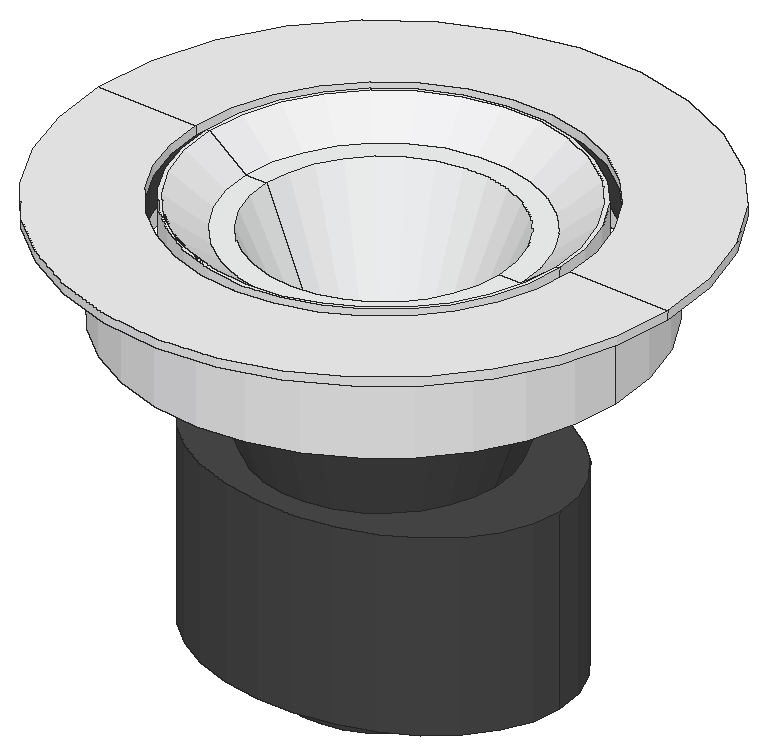
Revit family "Lighting Fixture_Sylvania_Expospot 70 Adjustable_Ceiling Recessed1", category Lighting Fixtures, host Face, Revit 2016
Family settings
  Host = Face
  Part Type = Normal
  Round Connector Dimension = Use Diameter
  OmniClass Number = 23.80.70.11.17
  OmniClass Title = Specialized Lighting by Location or Use
  Cut with Voids When Loaded = No
  Light Source = No
  Shared = No
  Room Calculation Point = No
Parameters (values of type "EXPOSPOT 70 ADJ 90 4K WB WHT")
  Weight = 0.52 kg  # constant formula
  Total Power Consumption = 20.9996 W
  Reflector Material = Aluminum_Sylvania_Expospot_Polished
  Radius = Diameter / 2  # 68.5 mm
  Product Code = "0060248"
  Photometric Web File = IES_Expospot_70_Adjustable : 0060248
  Photobiological Risk Group = "RG1"  # constant formula
  Nominal Frequency = "50/60Hz"  # constant formula
  Mounting Outer Radius = Head Radius + 3.0 mm  # 45.5 mm
  Max. Luminaires per 20A C Breaker = "70"  # constant formula
  Max. Luminaires per 20A B Breaker = "42"  # constant formula
  Max. Luminaires per 16A C Breaker = "51"  # constant formula
  Max. Luminaires per 16A B Breaker = "31"  # constant formula
  Max. Luminaires per 13A C Breaker = "41"  # constant formula
  Max. Luminaires per 13A B Breaker = "25"  # constant formula
  Max. Luminaires per 10A C Breaker = "31"  # constant formula
  Max. Luminaires per 10A B Breaker = "19"  # constant formula
  Light Loss Factor = 1  # constant formula
  Lamp Power Factor = 0.9  # constant formula
  LOR = "100%"  # constant formula
  Inrush Duration = "139µs"  # constant formula
  Inrush Current = 28 A  # constant formula
  Initial Intensity = 1988 lm
  Initial Color = 4000 K
  IP Rating = "IP20"  # constant formula
  IK Rating = "IK02"  # constant formula
  Height = 103.0 mm  # constant formula
  Voltage Comments = "220-240V~"  # constant formula
  Voltage = 240 V  # constant formula
  URL = "http://www.sylvania-lighting.com/product/en-int/category/interior-lighting/accent-downlights/families/expospot-led/expospot-70-adjustable"
  Product Page URL = "http://www.sylvania-lighting.com/product/en-int/products/0060248"
  Product Family = "EXPOSPOT 70 ADJUSTABLE"  # constant formula
  Head Radius = Radius - 26.0 mm  # 42.5 mm
  Head Diameter = Head Radius * 2  # 85.0 mm
  Head Angle [instance] = 0°
  Glow Wire Test = 850 °C  # constant formula
  Electrical Protection = "Class II"  # constant formula
  Drive Current = "500mA"  # constant formula
  Dimmable = "N"  # constant formula
  Diffuser Material = Acrylic_Sylvania_Expospot_4000K
  Diameter = 137.0 mm  # constant formula
  Cutout Diameter = Diameter - 11.0 mm  # 126.0 mm
  Created by URL = "http://all1studio.com/"
  Created by = "All 1 Studio Ltd. "  # constant formula
  Control Gear Type = "Electronic"  # constant formula
  Control Gear Required = "No"  # constant formula
  Control Gear Mounting = "Remote"  # constant formula
  Colour Variation Initial = "3SDCM"  # constant formula
  built-in parameter 1114216 [instance] = 1 (stored number, unit not read)
  Model = "EXPOSPOT 70 ADJ 90 4K WB WHT"
  Manufacturer = "Feilo Sylvania"  # constant formula
  Lamp = "LED"  # constant formula
  CRI = "90Ra"
  Body Material = Aluminum_Sylvania_Expospot_White
  Description = "Specifically designed for Retail and Display applications. I.e. Supermarkets Fashion Retail Department stores. Build around a 70mm reflector and lens combination."  # constant formula
  Default Elevation = 0.0 mm
  built-in parameter 1140040 [instance] = 1
  Beam Angle = 52°
  Average Life = "50 000h"  # constant formula
  Assembly Code = "D5020200"
  Apparent Load Comments = ""
  Apparent Load = 20.9996 VA
  Body Secondary Material = Plastic_Sylvania_Expospot_Black
Types (12, lengths in mm): name | Product Code | Photometric Web File | Initial Intensity | Initial Color | Product Page URL | Diffuser Material | Model | CRI | Beam Angle
  EXPOSPOT 70 ADJ 90 4K WB WHT | "0060248" | IES_Expospot_70_Adjustable : 0060248 | 1988 lm | 4000 K | "http://www.sylvania-lighting.com/product/en-int/products/0060248" | Acrylic_Sylvania_Expospot_4000K | "EXPOSPOT 70 ADJ 90 4K WB WHT" | "90Ra" | 52°
  EXPOSPOT 70 ADJ 90 4K MB WHT | "0060247" | IES_Expospot_70_Adjustable : 0060247 | 1964 lm | 4000 K | "http://www.sylvania-lighting.com/product/en-int/products/0060247" | Acrylic_Sylvania_Expospot_4000K | "EXPOSPOT 70 ADJ 90 4K MB WHT" | "90Ra" | 42°
  EXPOSPOT 70 ADJ 90 4K NB WHT | "0060246" | IES_Expospot_70_Adjustable : 0060246 | 1751 lm | 4000 K | "http://www.sylvania-lighting.com/product/en-int/products/0060246" | Acrylic_Sylvania_Expospot_4000K | "EXPOSPOT 70 ADJ 90 4K NB WHT" | "90Ra" | 24°
  EXPOSPOT 70 ADJ 90 3K WB WHT | "0060245" | IES_Expospot_70_Adjustable : 0060245 | 1815 lm | 3000 K | "http://www.sylvania-lighting.com/product/en-int/products/0060245" | Acrylic_Sylvania_Expospot_3000K | "EXPOSPOT 70 ADJ 90 3K WB WHT" | "90Ra" | 53°
  EXPOSPOT 70 ADJ 90 3K MB WHT | "0060244" | IES_Expospot_70_Adjustable : 0060244 | 1793 lm | 3000 K | "http://www.sylvania-lighting.com/product/en-int/products/0060244" | Acrylic_Sylvania_Expospot_3000K | "EXPOSPOT 70 ADJ 90 3K MB WHT" | "90Ra" | 42°
  EXPOSPOT 70 ADJ 90 3K NB WHT | "0060243" | IES_Expospot_70_Adjustable : 0060243 | 1769 lm | 3000 K | "http://www.sylvania-lighting.com/product/en-int/products/0060243" | Acrylic_Sylvania_Expospot_3000K | "EXPOSPOT 70 ADJ 90 3K NB WHT" | "90Ra" | 25°
  EXPOSPOT 70 ADJ 80 4K WB WHT | "0060242" | IES_Expospot_70_Adjustable : 0060242 | 1987 lm | 4000 K | "http://www.sylvania-lighting.com/product/en-int/products/0060242" | Acrylic_Sylvania_Expospot_4000K | "EXPOSPOT 70 ADJ 80 4K WB WHT" | "80Ra" | 54°
  EXPOSPOT 70 ADJ 80 4K MB WHT | "0060241" | IES_Expospot_70_Adjustable : 0060241 | 2224 lm | 4000 K | "http://www.sylvania-lighting.com/product/en-int/products/0060241" | Acrylic_Sylvania_Expospot_4000K | "EXPOSPOT 70 ADJ 80 4K MB WHT" | "80Ra" | 42°
  EXPOSPOT 70 ADJ 80 4K NB WHT | "0060240" | IES_Expospot_70_Adjustable : 0060240 | 2201 lm | 4000 K | "http://www.sylvania-lighting.com/product/en-int/products/0060240" | Acrylic_Sylvania_Expospot_4000K | "EXPOSPOT 70 ADJ 80 4K NB WHT" | "80Ra" | 25°
  EXPOSPOT 70 ADJ 80 3K WB WHT | "0060239" | IES_Expospot_70_Adjustable : 0060239 | 2082 lm | 3000 K | "http://www.sylvania-lighting.com/product/en-int/products/0060239" | Acrylic_Sylvania_Expospot_3000K | "EXPOSPOT 70 ADJ 80 3K WB WHT" | "80Ra" | 54°
  EXPOSPOT 70 ADJ 80 3K MB WHT | "0060238" | IES_Expospot_70_Adjustable : 0060238 | 2152 lm | 3000 K | "http://www.sylvania-lighting.com/product/en-int/products/0060238" | Acrylic_Sylvania_Expospot_3000K | "EXPOSPOT 70 ADJ 80 3K MB WHT" | "80Ra" | 43°
  EXPOSPOT 70 ADJ 80 3K NB WHT | "0060237" | IES_Expospot_70_Adjustable : 0060237 | 2149 lm | 3000 K | "http://www.sylvania-lighting.com/product/en-int/products/0060237" | Acrylic_Sylvania_Expospot_3000K | "EXPOSPOT 70 ADJ 80 3K NB WHT" | "80Ra" | 43°
Reference planes
  plane 1 "Center (Front/Back)": y = 0
  plane 2: z = 0
  plane 3 "Center (Left/Right)": x = -7.423
  plane 4: z = 2
  plane 5: z = -22.5
  plane 6: x = -75.923
  plane 7: z = -5
Forms (mm)
  Revolve 1, solid, material "Aluminum_Sylvania_Expospot_White" <- "Body Material", detail levels fine
    sketch origin (0, 0, 0) x (1, 0, 0) y (0, 0, 1)
      loop
        line (-75.923, 2) -> (-75.923, 0) -> (-63.423, 0) -> (-63.423, -22.5) -> (-61.423, -22.5) -> (-61.423, 0) -> (-52.423, 0) -> (-52.423, 2) -> (-75.923, 2)
      axis (-7.423, 2) -> (-7.423, -22.5)
    angle from 0 to 360
  Revolve 2, solid, material "Plastic_Sylvania_Expospot_Black" <- "Body Secondary Material", detail levels fine
    sketch origin (0, 0, 0) x (1, 0, 0) y (0, 0, 1)
      loop
        line (-61.423, 0) -> (-61.423, -1.5) -> (-54.423, -1.5) -> (-54.423, -8.5) -> (-52.923, -8.5) -> (-52.923, 0) -> (-61.423, 0)
      axis (-7.423, 0) -> (-7.423, -8.5)
    angle from 0 to 360
  Extrusion 3, void
    sketch origin (0, 0, 0) x (1, 0, 0) y (0, 1, 0)
      loop
        circle (-7.423, 0) r 63
    from -116.997 to 69.443
  Extrusion 4, solid, material "Aluminum_Sylvania_Expospot_White" <- "Body Material", detail levels fine
    sketch origin (-7.423, 0, 0) x (0, 1, 0) y (0, 0, 1)
      loop
        circle (0, -5) r 3.5
    from 42.5 <- "Head Radius" to 45.5 <- "Mounting Outer Radius"
  Extrusion 5, solid, material "Aluminum_Sylvania_Expospot_White" <- "Body Material", detail levels fine
    sketch origin (-7.423, 0, 0) x (0, 1, 0) y (0, 0, -1)
      loop
        circle (0, 5) r 3.5
    from 42.5 <- "Head Radius" to 45.5 <- "Mounting Outer Radius"
  Revolve 6, solid, material "Aluminum_Sylvania_Expospot_White" <- "Body Material", detail levels coarse+medium
    sketch origin (0, 0, 0) x (1, 0, 0) y (0, 0, 1)
      loop
        line (-75.923, 2) -> (-75.923, 0) -> (-63.423, 0) -> (-63.423, -22.5) -> (-61.423, -22.5) -> (-61.423, -8.5) -> (-52.423, -8.5) -> (-52.423, 2) -> (-75.923, 2)
      axis (-7.423, 2) -> (-7.423, -22.5)
    angle from 0 to 360
Lines and regions (mm)
  Masking region 1
    outline origin (0, 0, 0) x (1, 0, 0) y (0, 1, 0)
      loop
        circle (-7.423, 0) r 68.5
  reference lines
    curve 1: line (-7.423, 0, -5) -> (-7.423, 0, -60)
  symbolic lines, detail levels fine
    curve 2: arc (-52.423, 0, 0) -> (-7.423, 45, 0) -> (37.577, 0, 0) r 45
    curve 3: arc (37.577, 0, 0) -> (-7.423, -45, 0) -> (-52.423, 0, 0) r 45
Dimensions and locks
  plane 4 to plane 2 to plane 7 to plane 5 = 2.0 mm locked, 5.0 mm locked, 17.5 mm locked
  "Radius": plane 6 to plane 3 "Center (Left/Right)"
  "Cutout Diameter": diameter of Extrusion 3 sketch curve
  "Head Angle": angle plane 1 "Center (Front/Back)" to curve 1
  aligned and locked: host face to plane 2
  aligned and locked: host face to level
  aligned and locked: plane 6 to Revolve 1 sketch curve
  aligned and locked: Revolve 1 sketch curve to plane 3 "Center (Left/Right)"
  aligned and locked: plane 1 "Center (Front/Back)" to curve 1
  aligned and locked: plane 7 to curve 1
  aligned and locked: plane 6 to Revolve 6 sketch curve
Automatic sketch dimensions
  host sketch curve to host sketch curve = 1412.252 mm
  host sketch curve to host sketch curve = 1359.6 mm
  Revolve 1 sketch curve to level = 0.0 mm  (x2)
  Revolve 1 sketch curve to plane 5 = 0.0 mm
  Revolve 1 sketch curve to plane 4 = 0.0 mm
  Revolve 1 sketch curve to Revolve 1 sketch curve = 12.5 mm
  Revolve 1 sketch curve to Revolve 1 sketch curve = 2.0 mm
  Revolve 1 sketch curve to Revolve 1 sketch curve = 9.0 mm
  Revolve 1 sketch curve to plane 5 = 349.774 mm
  plane 4 to Revolve 1 sketch curve = 1145.706 mm
  Revolve 2 sketch curve to level = 0.0 mm
  Revolve 2 sketch curve to plane 3 "Center (Left/Right)" = 0.0 mm
  Revolve 2 sketch curve to plane 6 = 23.0 mm
  Revolve 2 sketch curve to Revolve 2 sketch curve = 1.5 mm
  Revolve 2 sketch curve to level = 1.5 mm
  Revolve 2 sketch curve to Revolve 2 sketch curve = 7.0 mm
  Revolve 2 sketch curve to plane 7 = 3.5 mm
  Revolve 2 sketch curve to plane 5 = 349.774 mm
  plane 4 to Revolve 2 sketch curve = 1145.706 mm
  plane 1 "Center (Front/Back)" to Extrusion 3 sketch curve = 0.0 mm
  Extrusion 3 sketch curve to plane 3 "Center (Left/Right)" = 0.0 mm
  Extrusion 4 sketch curve to plane 1 "Center (Front/Back)" = 0.0 mm
  Extrusion 4 sketch curve to plane 7 = 0.0 mm
  Extrusion 5 sketch curve to plane 1 "Center (Front/Back)" = 0.0 mm
  Extrusion 5 sketch curve to plane 7 = 0.0 mm
  Revolve 6 sketch curve to level = 0.0 mm
  Revolve 6 sketch curve to plane 5 = 0.0 mm
  Revolve 6 sketch curve to plane 4 = 0.0 mm
  Revolve 6 sketch curve to plane 3 "Center (Left/Right)" = 0.0 mm
  Revolve 6 sketch curve to plane 6 = 12.5 mm
  Revolve 6 sketch curve to plane 7 = 3.5 mm
  Revolve 6 sketch curve to Revolve 6 sketch curve = 9.0 mm
  Revolve 6 sketch curve to plane 5 = 349.774 mm
  plane 4 to Revolve 6 sketch curve = 1145.706 mm
  Revolve 6 sketch curve to Revolve 6 sketch curve = 2.0 mm
  Masking region 1 sketch curve to Masking region 1 sketch curve = 0.0 mm  (x2)
  plane 1 "Center (Front/Back)" to Masking region 1 sketch curve = 0.0 mm
  Masking region 1 sketch curve to plane 6 = 0.0 mm
  Masking region 1 sketch curve to plane 3 "Center (Left/Right)" = 0.0 mm
  curve 2 to curve 3 = 0.0 mm  (x2)
  plane 1 "Center (Front/Back)" to curve 2 = 0.0 mm
  curve 3 to plane 3 "Center (Left/Right)" = 0.0 mm
  curve 3 to plane 6 = 23.5 mm
  radius of Extrusion 4 sketch curve = 3.5 mm
  radius of Extrusion 5 sketch curve = 3.5 mm
Nested families
  nested 1: "Head_Expospot 70" at (-7.423, 0, 2), type "Head_Expospot 70"
  nested 2: "IES_Expospot_70_Adjustable" at (-7.423, 0, 2), type <- "Photometric Web File", type "0060248"
Connectors
  electrical at (-7.423, 0, -101), driven by "Voltage", driven by "Apparent Load", driven by "Lamp Power Factor"
    settings: on nested 1, index 1, voltage 240 V, apparent load 0 VA, apparent load phase1 20.9996 VA, apparent load phase2 0 VA, apparent load phase3 0 VA, power factor 0.9, load classification "Lighting", number of poles 1, system type 31, power factor state 1, is connector primary yes, connector utility no, sub classification motor no, connector description ""
Definition of nested family "Head_Expospot 70"
  Parameters (values of type "Head_Expospot 70")
    Reflector Material = none
    Radius = 42.5 mm
    Height = 103.0 mm
    Diffuser Material = none
    Default Elevation = 0.0 mm
    Cooling Y Axis = Radius - 10.0 mm  # 32.5 mm
    Cooling X Axis = Radius  # 42.5 mm
    Body Secondary Material = none
    Body Material = none
  Reference planes
    plane 1 "Center (Front/Back)": y = 0
    plane 2: z = 0
    plane 3 "Center (Left/Right)": x = 0
    plane 4: z = -47.5
    plane 5: z = -6.5
    plane 6 "Fixture Radius": x = -42.5
    plane 7: z = -52.5
    plane 8: z = -95
    plane 9: z = -103
    plane 10: z = -28
    plane 11 "Diffuser Radius": x = -10.5
  Forms (mm)
    Revolve 1, solid, material <- "Body Material", detail levels fine
      sketch origin (0, 0, 0) x (1, 0, 0) y (0, 0, 1)
        loop
          line (-42.5, 0) -> (-42.5, -28) -> (-40.5, -28) -> (-40.5, -3.393) -> (-36.342, -6.5) -> (-33, -6.5) -> (-41.7, 0) -> (-42.5, 0)
        axis (0, 0) -> (0, -28)
      angle from 0 to 360
    Revolve 2, solid, material <- "Reflector Material", detail levels fine
      sketch origin (0, 0, 0) x (1, 0, 0) y (0, 0, 1)
        loop
          line (-35, -6.5) -> (-35, -8.5) -> (-29.321, -8.5) -> (-12.675, -47.5) -> (-10.5, -47.5) -> (-28, -6.5) -> (-35, -6.5)
        axis (0, -6.5) -> (0, -47.5)
      angle from 0 to 360
    Revolve 3, solid, material <- "Body Secondary Material", detail levels fine
      sketch origin (0, 0, 0) x (1, 0, 0) y (0, 0, 1)
        loop
          line (-40.5, -17.5) -> (-40.5, -28) -> (-36.5, -28) -> (-27.095, -52.5) -> (0, -52.5) -> (0, -51.5) -> (-10.5, -51.5) -> (-10.5, -47.5) -> (-27.944, -47.5) -> (-35.813, -27) -> (-39.5, -27) -> (-39.5, -17.5) -> (-40.5, -17.5)
        axis (0, -17.5) -> (0, -52.5)
      angle from 0 to 360
    Revolve 4, solid, material <- "Body Secondary Material", detail levels fine
      sketch origin (0, 0, 0) x (1, 0, 0) y (0, 0, 1)
        loop
          line (-23.5, -95) -> (-23.5, -97) -> (-21.5, -103) -> (0, -103) -> (0, -95) -> (-23.5, -95)
        axis (0, -95) -> (0, -103)
      angle from 0 to 360
    Extrusion 5, solid, material <- "Body Secondary Material", detail levels fine
      sketch origin (0, 0, 0) x (1, 0, 0) y (0, 1, 0)
        loop
          spline (42.5, 0) -> (41.052, 8.412) -> (36.806, 16.25) -> (30.052, 22.981) -> (21.25, 28.146) -> (11, 31.393) -> (0, 32.5) -> (-11, 31.393) -> (-21.25, 28.146) -> (-30.052, 22.981) -> (-36.806, 16.25) -> (-41.052, 8.412) -> (-42.5, 0)
          spline (-42.5, 0) -> (-41.052, -8.412) -> (-36.806, -16.25) -> (-30.052, -22.981) -> (-21.25, -28.146) -> (-11, -31.393) -> (0, -32.5) -> (11, -31.393) -> (21.25, -28.146) -> (30.052, -22.981) -> (36.806, -16.25) -> (41.052, -8.412) -> (42.5, 0)
      from -95 to -52.5
    Extrusion 6, solid, material <- "Body Material", detail levels coarse+medium
      sketch origin (0, 0, 0) x (1, 0, 0) y (0, 1, 0)
        loop
          circle (0, 0) r 42.5
      from -103 to 0
    Revolve 7, solid, material <- "Diffuser Material", detail levels fine
      sketch origin (0, 0, 0) x (1, 0, 0) y (0, 0, 1)
        loop
          line (-10.5, -47.5) -> (-10.5, -51.5) -> (0, -51.5) -> (0, -47.5) -> (-10.5, -47.5)
        axis (0, -47.5) -> (0, -51.5)
      angle from 0 to 360
  Dimensions and locks
    "Radius": plane 3 "Center (Left/Right)" to plane 6 "Fixture Radius"
    locked: Revolve 4 sketch curve to plane 6 "Fixture Radius" at 19
    "Cooling Y Axis": plane 1 "Center (Front/Back)" to Extrusion 5 sketch curve
    "Cooling X Axis": Extrusion 5 sketch curve to plane 3 "Center (Left/Right)"
    locked: plane 11 "Diffuser Radius" to plane 6 "Fixture Radius" at 32
    plane 2 to plane 5 to plane 10 to plane 4 to plane 7 = 6.5 mm locked, 21.5 mm locked, 19.5 mm locked, 5.0 mm locked
    locked: plane 8 to plane 9 at 8
    "Height": plane 2 to plane 9
    "Radius": radius of Extrusion 6 sketch curve
    aligned and locked: level to plane 2
    aligned and locked: Revolve 1 sketch curve to plane 6 "Fixture Radius"
    aligned and locked: Extrusion 5 to plane 8
    aligned and locked: plane 7 to Extrusion 5
    aligned and locked: Extrusion 6 to plane 9
    aligned and locked: plane 2 to Extrusion 6
    aligned and locked: Revolve 1 sketch curve to plane 10
    aligned and locked: plane 11 "Diffuser Radius" to Revolve 7 sketch curve
    aligned and locked: plane 11 "Diffuser Radius" to Revolve 3 sketch curve
  Automatic sketch dimensions
    Revolve 4 sketch curve to plane 8 = 0.0 mm
    Revolve 4 sketch curve to plane 9 = 0.0 mm
    Revolve 4 sketch curve to plane 3 "Center (Left/Right)" = 0.0 mm  (x2)
    Revolve 4 sketch curve to plane 8 = 2.0 mm
    Revolve 4 sketch curve to Revolve 4 sketch curve = 2.0 mm
    Revolve 4 sketch curve to plane 9 = 265.545 mm
    level to Revolve 4 sketch curve = 2214.315 mm
    Revolve 1 sketch curve to level = 0.0 mm
    Revolve 1 sketch curve to plane 5 = 0.0 mm
    Revolve 1 sketch curve to plane 3 "Center (Left/Right)" = 0.0 mm
    Revolve 1 sketch curve to Revolve 1 sketch curve = 0.8 mm
    plane 6 "Fixture Radius" to Revolve 1 sketch curve = 2.0 mm
    plane 5 to Revolve 1 sketch curve = 3.107 mm
    Revolve 1 sketch curve to Revolve 1 sketch curve = 3.342 mm
    Revolve 1 sketch curve to Revolve 1 sketch curve = 7.5 mm
    Revolve 1 sketch curve to plane 9 = 288.545 mm
    level to Revolve 1 sketch curve = 2214.315 mm
    Revolve 7 sketch curve to plane 3 "Center (Left/Right)" = 0.0 mm  (x2)
    Revolve 7 sketch curve to plane 4 = 0.0 mm
    plane 7 to Revolve 7 sketch curve = 1.0 mm
    Revolve 3 sketch curve to plane 10 = 0.0 mm
    Revolve 3 sketch curve to plane 4 = 0.0 mm
    Revolve 3 sketch curve to plane 3 "Center (Left/Right)" = 0.0 mm  (x2)
    Revolve 3 sketch curve to plane 7 = 0.0 mm
    Revolve 3 sketch curve to Revolve 3 sketch curve = 0.848 mm
    plane 10 to Revolve 3 sketch curve = 1.0 mm
    plane 6 "Fixture Radius" to Revolve 3 sketch curve = 6.687 mm
    Revolve 3 sketch curve to Revolve 3 sketch curve = 0.687 mm
    plane 6 "Fixture Radius" to Revolve 3 sketch curve = 3.0 mm
    Revolve 3 sketch curve to Revolve 3 sketch curve = 1.0 mm
    Revolve 3 sketch curve to Revolve 3 sketch curve = 9.5 mm
    Revolve 3 sketch curve to plane 9 = 265.545 mm
    plane 7 to Revolve 3 sketch curve = 1.0 mm
    level to Revolve 3 sketch curve = 2214.315 mm
    plane 6 "Fixture Radius" to Revolve 3 sketch curve = 14.556 mm
    Revolve 7 sketch curve to plane 9 = 265.545 mm
    level to Revolve 7 sketch curve = 2214.315 mm
    Revolve 2 sketch curve to plane 5 = 0.0 mm
    plane 11 "Diffuser Radius" to Revolve 2 sketch curve = 0.0 mm
    Revolve 2 sketch curve to plane 3 "Center (Left/Right)" = 0.0 mm
    Revolve 2 sketch curve to Revolve 2 sketch curve = 7.0 mm
    Revolve 2 sketch curve to plane 9 = 288.545 mm
    level to Revolve 2 sketch curve = 2214.315 mm
    Revolve 2 sketch curve to plane 5 = 2.0 mm
    Revolve 2 sketch curve to plane 4 = 0.0 mm
    plane 11 "Diffuser Radius" to Revolve 2 sketch curve = 2.175 mm
    Revolve 2 sketch curve to Revolve 2 sketch curve = 1.321 mm
    plane 6 "Fixture Radius" to Revolve 2 sketch curve = 14.5 mm
    plane 1 "Center (Front/Back)" to Extrusion 5 sketch curve = 0.0 mm
    Extrusion 5 sketch curve to plane 3 "Center (Left/Right)" = 0.0 mm
    plane 1 "Center (Front/Back)" to Extrusion 6 sketch curve = 0.0 mm
    Extrusion 6 sketch curve to plane 3 "Center (Left/Right)" = 0.0 mm
Definition of nested family "IES_Expospot_70_Adjustable"
  Parameters (values of type "0060237")
    Wattage = 21.0007 W
    built-in parameter 1150110 = 1 (stored number, unit not read)
    Total Power Consumption = 20.9996 W
    built-in parameter 1114217 = 1 (stored number, unit not read)
    Tilt Angle = -90°
    built-in parameter 1150109 = 1 (stored number, unit not read)
    built-in parameter 1150134 = (empty or 0)
    built-in parameter 1150113 = 1 (stored number, unit not read)
    Photometric Web File = "0060237.ies"
    built-in parameter 1150105 = 171.01 (stored number, unit not read)
    Lumens = 2149 lm
    built-in parameter 1150115 = 1 (stored number, unit not read)
    built-in parameter 1150137 = (empty or 0)
    built-in parameter 1150139 = (empty or 0)
    built-in parameter 1150112 = 1 (stored number, unit not read)
    built-in parameter 1150114 = 1 (stored number, unit not read)
    built-in parameter 1150132 = 2
    built-in parameter 1150102 = (empty or 0)
    built-in parameter 1150107 = 3000 (stored number, unit not read)
    built-in parameter 1150138 = (empty or 0)
    built-in parameter 1150106 = 1.7101 (stored number, unit not read)
    Emit from Circle Diameter = 85.0 mm
    Emit Shape Visible in Rendering = no
    built-in parameter 1150104 = 9.5068 (stored number, unit not read)
    Dimming Lamp Color Temperature Shift = (empty or 0)
    Default Elevation = 0.0 mm
    Color Filter = 16777215
    built-in parameter 1114218 = 1 (stored number, unit not read)
    built-in parameter 1150133 = 10 (stored number, unit not read)
    Apparent Load = 20.9996 VA
  Types (12, lengths in mm): name | Wattage | built-in parameter 1150134 | Photometric Web File | built-in parameter 1150105 | Lumens | built-in parameter 1150107 | built-in parameter 1150106 | built-in parameter 1150104
    0060248 | 20.9996 W | 12 | "0060248.ies" | 158.2 (stored number, unit not read) | 1988 lm | 4000 (stored number, unit not read) | 1.582 (stored number, unit not read) | 8.795 (stored number, unit not read)
    0060247 | 20.9996 W | 12 | "0060247.ies" | 156.29 (stored number, unit not read) | 1964 lm | 4000 (stored number, unit not read) | 1.5629 (stored number, unit not read) | 8.6888 (stored number, unit not read)
    0060246 | 20.9996 W | 12 | "0060246.ies" | 139.34 (stored number, unit not read) | 1751 lm | 4000 (stored number, unit not read) | 1.3934 (stored number, unit not read) | 7.7465 (stored number, unit not read)
    0060245 | 20.9996 W | (empty or 0) | "0060245.ies" | 144.43 (stored number, unit not read) | 1815 lm | 3000 (stored number, unit not read) | 1.4443 (stored number, unit not read) | 8.0296 (stored number, unit not read)
    0060244 | 20.9996 W | (empty or 0) | "0060244.ies" | 142.68 (stored number, unit not read) | 1793 lm | 3000 (stored number, unit not read) | 1.4268 (stored number, unit not read) | 7.9323 (stored number, unit not read)
    0060243 | 20.9996 W | (empty or 0) | "0060243.ies" | 140.77 (stored number, unit not read) | 1769 lm | 3000 (stored number, unit not read) | 1.4077 (stored number, unit not read) | 7.8261 (stored number, unit not read)
    0060242 | 20.9996 W | 12 | "0060242.ies" | 158.12 (stored number, unit not read) | 1987 lm | 4000 (stored number, unit not read) | 1.5812 (stored number, unit not read) | 8.7906 (stored number, unit not read)
    0060241 | 20.9996 W | 12 | "0060241.ies" | 176.98 (stored number, unit not read) | 2224 lm | 4000 (stored number, unit not read) | 1.7698 (stored number, unit not read) | 9.8391 (stored number, unit not read)
    0060240 | 20.9996 W | 12 | "0060240.ies" | 175.15 (stored number, unit not read) | 2201 lm | 4000 (stored number, unit not read) | 1.7515 (stored number, unit not read) | 9.7373 (stored number, unit not read)
    0060239 | 20.9996 W | (empty or 0) | "0060239.ies" | 165.68 (stored number, unit not read) | 2082 lm | 3000 (stored number, unit not read) | 1.6568 (stored number, unit not read) | 9.2109 (stored number, unit not read)
    0060238 | 20.9996 W | (empty or 0) | "0060238.ies" | 171.25 (stored number, unit not read) | 2152 lm | 3000 (stored number, unit not read) | 1.7125 (stored number, unit not read) | 9.5206 (stored number, unit not read)
    0060237 | 21.0007 W | (empty or 0) | "0060237.ies" | 171.01 (stored number, unit not read) | 2149 lm | 3000 (stored number, unit not read) | 1.7101 (stored number, unit not read) | 9.5068 (stored number, unit not read)
  Reference planes
    plane 1 "Center (Front/Back)": y = 0
    plane 2: z = 0
    plane 3 "Center (Left/Right)": x = 0
  Dimensions and locks
    aligned and locked: level to plane 2
    aligned and locked: plane 3 "Center (Left/Right)" to imposter light
    aligned and locked: plane 1 "Center (Front/Back)" to imposter light
    aligned and locked: level to imposter light
